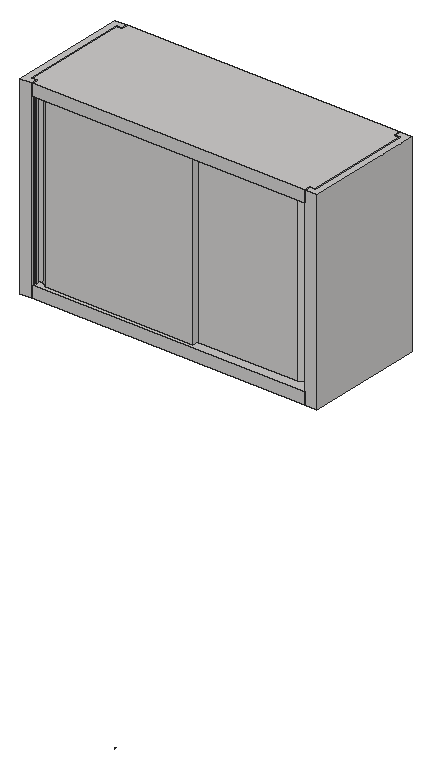
Revit family "QF_ELECTROLUXPROFESSIONAL_134076_GPS1000E", category Attrezzature speciali, Revit 2020
Family settings
  Quota connettore circolare = Usa diametro
  Tipo di parte = Normale
  Basato su piano di lavoro = No
  Sempre verticale = Sì
  Taglio con vuoti quando caricato = No
  Condiviso = No
  Punto di calcolo locali = No
Parameters (values of type "Standard")
  Weight = 28.00 kg
  Watts = 0 W
  Volts = 0 V
  URL Manufacturer = "https://www.electroluxprofessional.com/"
  URL = "https://www.electroluxprofessional.com/"
  Steam Supply Size = 0 mm
  Steam Supply Minimum Pressure = 0.0 Pa
  Steam Supply Maximum Pressure = 0.0 Pa
  Steam Consumption per Hour = 0
  Refrigeration Suction Line Size = 0.0 mm
  Refrigeration Liquid Line Size = 0.0 mm
  Refrigerant Compressor Remote = yes
  Prospetto di default = 0.0 mm
  Phase = 0
  Modello = "GPS1000E"
  Produttore = "Electrolux Professional"
  Length Actual = 1000.0 mm  # constant formula
  Item Number = "134076"
  Hot Water Size = 0 mm
  Height Actual = 650.0 mm  # constant formula
  HP = "0 HP"
  Gas Size = 0 mm
  Gas KW = 0
  Gas Input Pressure = 0 W
  Direct Waste Size = 0 mm
  Descrizione = "WALL CUPBOARD W/2 SLIDING DOORS 1000 MM"
  Depth Actual = 400.0 mm  # constant formula
  Cycle = 0 Hz
  Condensate Return Size = 0 mm
  Compressed Air Volume = 0.0 L/s
  Compressed Air Size = 0 mm
  Compressed Air Pressure = 0.0 Pa
  Cold Water Size = 0 mm
  Accessory = yes
Reference planes
  plane 1 "Center (Front/Back)": y = 0
  plane 2: z = 0
  plane 3 "Center (Left/Right)": x = -300
  plane 4 "LEFT": x = -800
  plane 5 "RIGHT": x = 200
  plane 6 "BACK": y = 200
  plane 7 "FRONT": y = -200
  plane 8 "Base": z = 2200
  plane 9 "BASE": z = 1550
  plane 10: x = -760
  plane 11: x = 160
  plane 12: y = -197
  plane 13: y = 150
  plane 14: y = 197
  plane 15: x = -220
  plane 16: x = -380
Forms (mm)
  Extrusion 1, solid, material "QF_Finishes_Stainless Steel"
    sketch origin (0, 0, 1550) x (-1, 0, 0) y (0, -1, 0)
      loop
        line (800, -200) -> (800, 200) -> (760, 200) -> (760, 178) -> (778, 178) -> (778, -178) -> (760, -178) -> (760, -200) -> (800, -200)
      loop
        line (-160, -200) -> (-160, -178) -> (-178, -178) -> (-178, 178) -> (-160, 178) -> (-160, 200) -> (-200, 200) -> (-200, -200) -> (-160, -200)
    from 0 to 650
  Extrusion 2, solid, material "QF_Finishes_Stainless Steel"
    sketch origin (0, 0, 1550) x (-1, 0, 0) y (0, -1, 0)
      loop
        line (-160, 200) -> (-160, 178) -> (-178, 178) -> (-178, -178) -> (-160, -178) -> (-160, -200) -> (760, -200) -> (760, -178) -> (778, -178) -> (778, 178) -> (760, 178) -> (760, 200) -> (-160, 200)
    from 0 to 40
  Extrusion 3, solid, material "QF_Finishes_Stainless Steel"
    sketch origin (0, 0, 0) x (1, 0, 0) y (0, 1, 0)
      loop
        line (-760, -200) -> (160, -200) -> (160, -178) -> (178, -178) -> (178, 178) -> (160, 178) -> (160, 200) -> (-760, 200) -> (-760, 178) -> (-778, 178) -> (-778, -178) -> (-760, -178) -> (-760, -200)
    from 2160 to 2200
  Extrusion 4, solid, material "QF_Finishes_Stainless Steel"
    sketch origin (0, 0, 0) x (1, 0, 0) y (0, 1, 0)
      loop
        line (-220, -197) -> (-220, -177) -> (-757, -177) -> (-757, -197) -> (-747, -197) -> (-747, -194) -> (-754, -194) -> (-754, -182) -> (-737, -182) -> (-717, -197) -> (-220, -197)
    from 1597 to 2160
  Extrusion 5, solid, material "QF_Finishes_Stainless Steel"
    sketch origin (0, 0, 0) x (1, 0, 0) y (0, 1, 0)
      loop
        line (-380, -177) -> (117, -177) -> (137, -162) -> (154, -162) -> (154, -174) -> (147, -174) -> (147, -177) -> (157, -177) -> (157, -157) -> (-380, -157) -> (-380, -177)
    from 2160 to 1597
  Extrusion 6, solid, material "QF_Finishes_Stainless Steel"
    sketch origin (0, 0, 0) x (1, 0, 0) y (0, 1, 0)
      loop
        line (-273.481, 197) -> (-717, 197) -> (-737, 182) -> (-754, 182) -> (-754, 194) -> (-747, 194) -> (-747, 197) -> (-757, 197) -> (-757, 177) -> (-273.481, 177) -> (-273.481, 197)
    from 1597 to 2160
  Extrusion 7, solid, material "QF_Finishes_Stainless Steel"
    sketch origin (0, 0, 0) x (1, 0, 0) y (0, 1, 0)
      loop
        line (-326.5, 177) -> (-326.5, 157) -> (157, 157) -> (157, 177) -> (147, 177) -> (147, 174) -> (154, 174) -> (154, 162) -> (137, 162) -> (117, 177) -> (-326.5, 177)
    from 2160 to 1597
  Extrusion 8, solid, material "QF_Finishes_Stainless Steel"
    sketch origin (0, 0, 0) x (1, 0, 0) y (0, 1, 0)
      loop
        line (-800, 200) -> (-800, 199) -> (-799, 199) -> (-799, 200) -> (-800, 200)
    from 0 to 1
Lines and regions (mm)
  symbolic lines, style "SpecialityEquipmentHiddenLines"
    curve 1: line (157, -157, 0) -> (-380, -157, 0)
    curve 2: line (-380, -157, 0) -> (-380, -177, 0)
    curve 3: line (117, -177, 0) -> (-757, -177, 0)
    curve 4: line (-220, -177, 0) -> (-220, -197, 0)
    curve 5: line (-757, -177, 0) -> (-757, -197, 0)
    curve 6: line (-737, -182, 0) -> (-754, -182, 0)
    curve 20: line (157, 157, 0) -> (-326.5, 157, 0)
    curve 21: line (-326.5, 157, 0) -> (-326.5, 177, 0)
    curve 22: line (117, 177, 0) -> (-757, 177, 0)
    curve 23: line (-273.5, 177, 0) -> (-273.5, 197, 0)
    curve 24: line (-757, 177, 0) -> (-757, 197, 0)
    curve 39: line (-717, -197, 0) -> (-220, -197, 0)
    curve 40: line (-757, -197, 0) -> (-747, -197, 0)
    curve 41: line (-747, 197, 0) -> (-757, 197, 0)
    curve 42: line (-717, 197, 0) -> (-273.5, 197, 0)
    curve 43: line (-737, 182, 0) -> (-754, 182, 0)
    curve 44: line (-717, 197, 0) -> (-737, 182, 0)
  symbolic lines
    curve 7: line (-800, 200, 0) -> (200, -200, 0)
    curve 8: line (200, 200, 0) -> (-800, -200, 0)
    curve 9: line (-737, -182, 0) -> (-717, -197, 0)
    curve 10: line (-754, -182, 0) -> (-754, -194, 0)
    curve 11: line (-754, -194, 0) -> (-747, -194, 0)
    curve 12: line (-747, -194, 0) -> (-747, -197, 0)
    curve 13: line (157, -157, 0) -> (157, -177, 0)
    curve 14: line (157, -177, 0) -> (147, -177, 0)
    curve 15: line (147, -177, 0) -> (147, -174, 0)
    curve 16: line (147, -174, 0) -> (154, -174, 0)
    curve 17: line (154, -174, 0) -> (154, -162, 0)
    curve 18: line (154, -162, 0) -> (137, -162, 0)
    curve 19: line (117, -177, 0) -> (137, -162, 0)
    curve 25: line (-754, 182, 0) -> (-754, 194, 0)
    curve 26: line (-754, 194, 0) -> (-747, 194, 0)
    curve 27: line (-747, 194, 0) -> (-747, 197, 0)
    curve 28: line (157, 157, 0) -> (157, 177, 0)
    curve 29: line (157, 177, 0) -> (147, 177, 0)
    curve 30: line (147, 177, 0) -> (147, 174, 0)
    curve 31: line (147, 174, 0) -> (154, 174, 0)
    curve 32: line (154, 174, 0) -> (154, 162, 0)
    curve 33: line (154, 162, 0) -> (137, 162, 0)
    curve 34: line (117, 177, 0) -> (137, 162, 0)
    curve 35: line (-800, 200, 0) -> (200, 200, 0)
    curve 36: line (-800, -200, 0) -> (-800, 200, 0)
    curve 37: line (200, -200, 0) -> (-800, -200, 0)
    curve 38: line (200, 200, 0) -> (200, -200, 0)
Dimensions and locks
  plane 4 "LEFT" to plane 5 "RIGHT" = 1000.0 mm
  equal spacing: plane 4 "LEFT", plane 3 "Center (Left/Right)", plane 5 "RIGHT"
  plane 6 "BACK" to plane 7 "FRONT" = 400.0 mm
  equal spacing: plane 6 "BACK", plane 1 "Center (Front/Back)", plane 7 "FRONT"
  plane 9 "BASE" to level = 1550.0 mm
  locked: plane 4 "LEFT" to plane 10 at 40
  locked: plane 11 to plane 5 "RIGHT" at 40
  plane 12 to plane 7 "FRONT" = 3.0 mm
  plane 6 "BACK" to plane 13 = 50.0 mm
  locked: plane 8 "Base" to plane 9 "BASE" at 650
  equal spacing: plane 16, plane 3 "Center (Left/Right)", plane 15
  locked: plane 16 to plane 15 at 160
  aligned and locked: level to plane 2
  aligned and locked: plane 8 "Base" to Extrusion 1
  aligned and locked: plane 6 "BACK" to Extrusion 1 sketch curve
  aligned and locked: Extrusion 1 sketch curve to plane 6 "BACK"
  aligned and locked: plane 7 "FRONT" to Extrusion 1 sketch curve
  aligned and locked: Extrusion 1 sketch curve to plane 7 "FRONT"
  aligned and locked: plane 10 to Extrusion 1
  aligned and locked: Extrusion 1 to plane 11
  aligned and locked: plane 8 "Base" to Extrusion 3
  aligned and locked: Extrusion 3 to plane 7 "FRONT"
  aligned and locked: Extrusion 2 to plane 7 "FRONT"
  aligned and locked: plane 15 to Extrusion 4
  aligned and locked: curve 4 to plane 15
  aligned and locked: plane 16 to Extrusion 5
  aligned and locked: plane 16 to curve 2
  aligned and locked: curve 43 to Extrusion 6
  aligned and locked: curve 44 to Extrusion 6
Automatic sketch dimensions
  Extrusion 1 sketch curve to plane 11 = 0.0 mm  (x2)
  Extrusion 1 sketch curve to plane 4 "LEFT" = 0.0 mm
  Extrusion 4 sketch curve to plane 12 = 0.0 mm  (x2)
  plane 10 to Extrusion 4 sketch curve = 3.0 mm
  Extrusion 4 sketch curve to Extrusion 4 sketch curve = 3.0 mm
  Extrusion 4 sketch curve to Extrusion 4 sketch curve = 7.0 mm
  Extrusion 4 sketch curve to Extrusion 4 sketch curve = 10.0 mm
  plane 3 "Center (Left/Right)" to Extrusion 4 sketch curve = 80.0 mm
  plane 12 to Extrusion 4 sketch curve = 3.0 mm
  Extrusion 4 sketch curve to Extrusion 4 sketch curve = 12.0 mm
  Extrusion 4 sketch curve to Extrusion 4 sketch curve = 20.0 mm  (x2)
  Extrusion 4 sketch curve to Extrusion 4 sketch curve = 0.0 mm
  Extrusion 5 sketch curve to plane 3 "Center (Left/Right)" = 80.0 mm
  plane 12 to Extrusion 5 sketch curve = 20.0 mm  (x2)
  Extrusion 5 sketch curve to plane 11 = 43.0 mm
  Extrusion 5 sketch curve to plane 11 = 23.0 mm
  Extrusion 5 sketch curve to plane 11 = 13.0 mm
  Extrusion 5 sketch curve to plane 11 = 6.0 mm
  Extrusion 5 sketch curve to plane 11 = 3.0 mm
  Extrusion 5 sketch curve to Extrusion 5 sketch curve = 3.0 mm
  Extrusion 5 sketch curve to Extrusion 5 sketch curve = 12.0 mm
  Extrusion 5 sketch curve to Extrusion 5 sketch curve = 20.0 mm
  plane 14 to Extrusion 6 sketch curve = 0.0 mm  (x2)
  Extrusion 6 sketch curve to plane 10 = 3.0 mm
  Extrusion 6 sketch curve to Extrusion 6 sketch curve = 3.0 mm
  Extrusion 6 sketch curve to Extrusion 6 sketch curve = 7.0 mm
  Extrusion 6 sketch curve to Extrusion 6 sketch curve = 10.0 mm
  Extrusion 6 sketch curve to plane 3 "Center (Left/Right)" = 26.519 mm
  Extrusion 6 sketch curve to plane 14 = 3.0 mm
  Extrusion 6 sketch curve to Extrusion 6 sketch curve = 12.0 mm
  Extrusion 6 sketch curve to Extrusion 6 sketch curve = 20.0 mm  (x2)
  Extrusion 6 sketch curve to Extrusion 6 sketch curve = 0.0 mm
  plane 3 "Center (Left/Right)" to Extrusion 7 sketch curve = 26.5 mm
  Extrusion 7 sketch curve to plane 14 = 20.0 mm  (x2)
  plane 11 to Extrusion 7 sketch curve = 43.0 mm
  plane 11 to Extrusion 7 sketch curve = 23.0 mm
  plane 11 to Extrusion 7 sketch curve = 13.0 mm
  plane 11 to Extrusion 7 sketch curve = 6.0 mm
  plane 11 to Extrusion 7 sketch curve = 3.0 mm
  Extrusion 7 sketch curve to Extrusion 7 sketch curve = 3.0 mm
  Extrusion 7 sketch curve to Extrusion 7 sketch curve = 12.0 mm
  plane 13 to Extrusion 7 sketch curve = 7.0 mm
  Extrusion 8 sketch curve to plane 6 "BACK" = 0.0 mm
  Extrusion 8 sketch curve to plane 4 "LEFT" = 0.0 mm
  plane 4 "LEFT" to Extrusion 8 sketch curve = 1.0 mm
  Extrusion 8 sketch curve to plane 6 "BACK" = 1.0 mm
  Extrusion 1 sketch curve to plane 6 "BACK" = 22.0 mm  (x2)
  plane 4 "LEFT" to Extrusion 1 sketch curve = 22.0 mm
  plane 7 "FRONT" to Extrusion 1 sketch curve = 22.0 mm  (x2)
  Extrusion 1 sketch curve to plane 10 = 0.0 mm  (x2)
  plane 11 to Extrusion 1 sketch curve = 18.0 mm
  Extrusion 1 sketch curve to plane 5 "RIGHT" = 0.0 mm
  curve 37 to plane 4 "LEFT" = 0.0 mm
  curve 5 to plane 12 = 0.0 mm
  plane 14 to curve 24 = 0.0 mm
  curve 9 to plane 12 = 0.0 mm
  curve 38 to plane 5 "RIGHT" = 0.0 mm
  curve 7 to plane 7 "FRONT" = 0.0 mm
  curve 7 to plane 6 "BACK" = 0.0 mm
  plane 10 to curve 24 = 3.0 mm
  plane 10 to curve 5 = 3.0 mm
  curve 22 to curve 25 = 3.0 mm
  curve 3 to curve 10 = 3.0 mm
  curve 10 to curve 40 = 7.0 mm
  curve 25 to curve 27 = 7.0 mm
  curve 12 to curve 9 = 30.0 mm
  curve 20 to plane 13 = 7.0 mm
  curve 20 to plane 3 "Center (Left/Right)" = 26.5 mm
  plane 3 "Center (Left/Right)" to curve 23 = 26.5 mm
  plane 12 to curve 3 = 20.0 mm
  curve 3 to plane 11 = 43.0 mm
  curve 34 to plane 11 = 43.0 mm
  curve 34 to plane 11 = 23.0 mm
  curve 18 to plane 11 = 23.0 mm
  curve 14 to plane 11 = 13.0 mm
  curve 29 to plane 11 = 13.0 mm
  curve 32 to plane 11 = 6.0 mm
  curve 17 to plane 11 = 6.0 mm
  curve 29 to plane 11 = 3.0 mm
  curve 13 to plane 11 = 3.0 mm
  curve 12 to curve 12 = 3.0 mm
  curve 6 to curve 3 = 5.0 mm
  plane 12 to curve 13 = 20.0 mm
  curve 14 to curve 16 = 3.0 mm
  curve 15 to curve 19 = 12.0 mm
  curve 2 to curve 2 = 20.0 mm
  curve 20 to curve 33 = 5.0 mm
  curve 32 to curve 31 = 12.0 mm
  curve 31 to curve 28 = 3.0 mm
  plane 14 to curve 26 = 3.0 mm
  curve 11 to curve 6 = 10.0 mm
  Extrusion 3 sketch curve to plane 6 "BACK" = 0.0 mm
  Extrusion 3 sketch curve to plane 10 = 0.0 mm  (x2)
  Extrusion 3 sketch curve to plane 7 "FRONT" = 0.0 mm
  Extrusion 3 sketch curve to plane 11 = 0.0 mm  (x2)
  Extrusion 3 sketch curve to Extrusion 3 sketch curve = 18.0 mm
  plane 11 to Extrusion 3 sketch curve = 18.0 mm
  plane 12 to Extrusion 3 sketch curve = 19.0 mm  (x2)
  plane 14 to Extrusion 3 sketch curve = 19.0 mm  (x2)
  Extrusion 2 sketch curve to plane 11 = 0.0 mm  (x2)
  Extrusion 2 sketch curve to plane 6 "BACK" = 0.0 mm
  Extrusion 2 sketch curve to plane 10 = 0.0 mm  (x2)
  Extrusion 2 sketch curve to plane 7 "FRONT" = 0.0 mm
  plane 11 to Extrusion 2 sketch curve = 18.0 mm
  Extrusion 2 sketch curve to Extrusion 2 sketch curve = 18.0 mm
  plane 14 to Extrusion 2 sketch curve = 19.0 mm  (x2)
  plane 12 to Extrusion 2 sketch curve = 19.0 mm  (x2)
  plane 14 to curve 42 = 0.0 mm
  curve 22 to curve 25 = 5.0 mm
